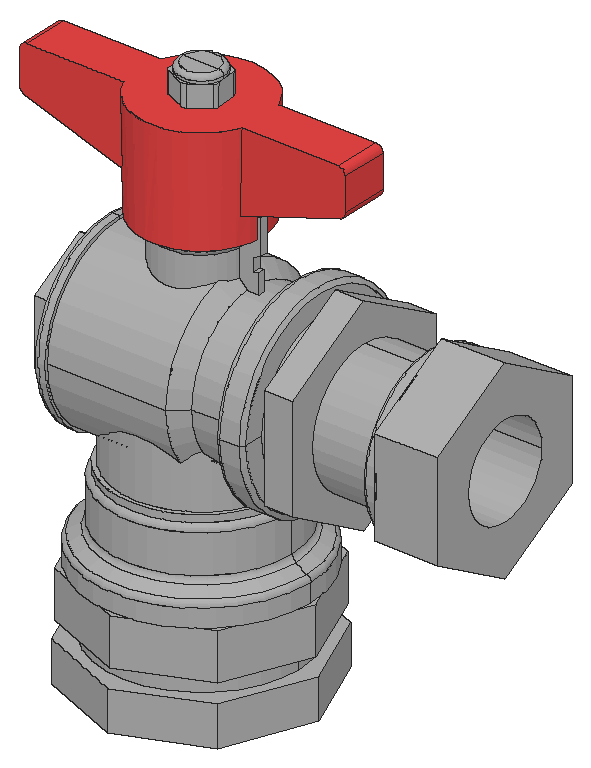
Revit family "QD40510000", category Apparecchi idraulici, Revit 2016
Family settings
  Tipo di parte = Normale
  Quota connettore circolare = Usa diametro
  Numero OmniClass = 23.45.00.00
  Titolo OmniClass = Sanitary, Laundry, and Cleaning Equipment
  Basato su piano di lavoro = No
  Sempre verticale = Sì
  Taglio con vuoti quando caricato = No
  Condiviso = No
  Punto di calcolo locali = No
Parameters
  URL = "https://web.cimberio.it/index.php/figura/284?subcategoria_id=43550"
  Produttore = "CIMBERIO SPA"
  Modello = "Cim 284NRBR"
  DN Model [instance] = QD40513163 : QD40513163
  DN [instance] = 20 mm
Reference planes
  plane 1 "Centro (Fronte/Retro)": y = 0
  plane 2: z = 0
  plane 3 "Centro (Sinistra/Destra)": x = 0
Dimensions and locks
  aligned and locked: level to plane 2
Nested families
  nested 1: "QD40513163" at (0, 0, 0), type <- "DN Model", type "QD40513163"
  nested 2: "QD40513163" at (0, 0, 0), type <- "DN Model", type "QD40513163"
  nested 3: "QD40513163" at (0, 0, 0), type <- "DN Model", type "QD40513163"
Connectors
  piping at (65.285, 0, 0), diameter 20, driven by "DN"
    settings: on nested 1, index 1, connector inside diameter 609.6 mm, connector length 0 mm, flow factor 0, pipe flow 0.0 L/s, pressure drop 0.0 Pa, fitting loss kfactor 0, connector angle 0.00°, fixture units 0, engagement length 0 mm, angle of deflection 0.00°, flow configuration 0, flow direction 0, fitting loss method 0, system type 7, joint type 0, gender type 0, connector reference index -1, connector utility 0, adjustable connector no, is connector primary yes, connector description ""
  piping at (0, 0, -62.271), diameter 20, driven by "DN"
    settings: on nested 1, index 2, connector inside diameter 609.6 mm, connector length 0 mm, flow factor 0, pipe flow 0.0 L/s, pressure drop 0.0 Pa, fitting loss kfactor 0, connector angle 0.00°, fixture units 0, engagement length 0 mm, angle of deflection 0.00°, flow configuration 0, flow direction 0, fitting loss method 0, system type 7, joint type 0, gender type 0, connector reference index -1, connector utility 0, adjustable connector no, is connector primary no, connector description ""
Definition of nested family "QD40513163"
  Parameters (values of type "QD40513163")
    Model = ""
  Reference planes
    plane 1 "Centro (Fronte/Retro)": y = 0
    plane 2: z = 0
    plane 3 "Centro (Sinistra/Destra)": x = 0
  Forms (mm)
    Revolve 1, solid
      sketch origin (0, 0, 0) x (1, 0, 0) y (0, 0, 1)
        loop
          line (-17.6, 20) -> (-19.099, 20)
          arc (-19.099, 20) -> (-19.807, 19.707) -> (-20.1, 19) r 1
          line (-20.1, 19) -> (-20.1, 10) -> (-17.6, 10) -> (-17.6, 20)
        axis (-20.1, 0) -> (-17.6, 0)
      angle from 0 to 360
    Revolve 2, solid
      sketch origin (0, 0, 0) x (1, 0, 0) y (0, 0, 1)
        loop
          line (34.985, 14) -> (34.985, 10) -> (49.316, 10) -> (49.316, 14) -> (34.985, 14)
        axis (34.985, 0) -> (49.316, 0)
      angle from 0 to 360
    Revolve 3, solid
      sketch origin (18.485, 0, 0) x (1, 0, 0) y (0, 0, 1)
        loop
          arc (31.3, 18) -> (30.946, 17.854) -> (30.8, 17.5) r 0.5
          line (30.8, 17.5) -> (30.8, 10) -> (33.324, 10) -> (33.324, 18) -> (31.3, 18)
        axis (30.8, 0) -> (33.324, 0)
      angle from 0 to 360
    Revolve 4, solid
      sketch origin (0, 0, 0) x (1, 0, 0) y (0, 0, 1)
        loop
          line (-10, -6.076) -> (-17.6, -6.076) -> (-17.6, -20.903)
          arc (-17.6, -20.903) -> (-18.051, -20.927) -> (-18.5, -20.98) r 7.058
          line (-18.5, -20.98) -> (-18.5, -22.48)
          arc (-18.5, -22.48) -> (-19.225, -23.027) -> (-19.5, -23.893) r 1.496
          line (-19.5, -23.893) -> (-19.5, -32.133)
          arc (-19.5, -32.133) -> (-19.701, -32.883) -> (-20.25, -33.433) r 1.5
          line (-20.25, -33.433) -> (-22.75, -34.876)
          arc (-22.75, -34.876) -> (-23.299, -35.426) -> (-23.5, -36.177) r 1.5
          line (-23.5, -36.177) -> (-23.5, -40) -> (-10, -40) -> (-10, -6.076)
        axis (0, -6.076) -> (0, -40)
      angle from 0 to 360
    Revolve 5, solid
      sketch origin (0, 0, 0) x (1, 0, 0) y (0, 0, 1)
        loop
          line (-21, -53.771) -> (-10, -53.771) -> (-10, -50) -> (-21, -50) -> (-21, -53.771)
        axis (0, -50) -> (0, -53.771)
      angle from 0 to 360
    Revolve 6, solid
      sketch origin (0, 0, 0) x (1, 0, 0) y (0, 0, 1)
        loop
          line (5, 31.3) -> (5, 15.282) -> (9.381, 15.282) -> (9.381, 24)
          arc (9.381, 24) -> (9.751, 24.365) -> (9.887, 24.866) r 0.994
          line (9.887, 24.866) -> (9.887, 31.3) -> (5, 31.3)
        axis (0, 31.3) -> (0, 15.282)
      angle from 0 to 360
    Revolve 7, solid
      sketch origin (0, 0, 0) x (1, 0, 0) y (0, 0, 1)
        loop
          line (-1.75, 26.8) -> (-1.75, 32.8) -> (0, 32.8) -> (0, 49.8) -> (-13.579, 49.8) -> (-13.134, 26.8) -> (-1.75, 26.8)
        axis (0, 49.8) -> (0, 26.8)
      angle from 0 to 360
    Revolve 8, solid
      sketch origin (0, 0, 0) x (1, 0, 0) y (0, 0, 1)
        loop
          line (0, 55.8) -> (0, 53.928) -> (4.75, 53.928) -> (4.75, 54.8)
          arc (4.75, 54.8) -> (4.456, 55.508) -> (3.748, 55.8) r 1
          line (3.748, 55.8) -> (0, 55.8)
        axis (0, 55.8) -> (0, 53.928)
      angle from 0 to 360
    Extrusion 9, solid
      sketch origin (0, 0, 0) x (1, 0, 0) y (0, 0, 1)
        loop
          arc (-33.5, 49.8) -> (-34.561, 49.361) -> (-35, 48.3) r 1.5
          line (-35, 48.3) -> (-35, 41.227)
          arc (-35, 41.227) -> (-34.714, 40.345) -> (-33.964, 39.8) r 1.5
          line (-33.964, 39.8) -> (-10.874, 32.298) -> (-10.874, 49.8) -> (-33.5, 49.8)
        loop
          line (33.5, 49.8) -> (10.874, 49.8) -> (10.874, 32.298) -> (33.964, 39.8)
          arc (33.964, 39.8) -> (34.714, 40.345) -> (35, 41.227) r 1.5
          line (35, 41.227) -> (35, 48.3)
          arc (35, 48.3) -> (34.561, 49.361) -> (33.5, 49.8) r 1.5
      from -5 to 5
    Extrusion 10, solid
      sketch origin (0, 0, 28.55) x (1, 0, 0) y (0, 1, 0)
        loop
          line (-1.146, 5.373) -> (-4.802, 2.675)
          arc (-4.802, 2.675) -> (-5.145, 2.245) -> (-5.227, 1.701) r 1.063
          line (-5.227, 1.701) -> (-4.719, -2.806)
          arc (-4.719, -2.806) -> (-4.514, -3.33) -> (-4.073, -3.682) r 1.088
          line (-4.073, -3.682) -> (0.09, -5.499)
          arc (0.09, -5.499) -> (0.628, -5.58) -> (1.134, -5.381) r 1.051
          line (1.134, -5.381) -> (4.803, -2.674)
          arc (4.803, -2.674) -> (5.145, -2.245) -> (5.227, -1.703) r 1.06
          line (5.227, -1.703) -> (4.717, 2.823)
          arc (4.717, 2.823) -> (4.517, 3.333) -> (4.089, 3.675) r 1.058
          line (4.089, 3.675) -> (-0.077, 5.493)
          arc (-0.077, 5.493) -> (-0.628, 5.576) -> (-1.146, 5.373) r 1.076
      from 21.25 to 25.75
    Extrusion 11, solid
      sketch origin (0, 0, 0) x (1, 0, 0) y (0, 0, 1)
        loop
          line (14, 31.3) -> (8.237, 31.3) -> (8.237, 14.908) -> (13.5, 14.908) -> (13.5, 20.5) -> (12.485, 20.5) -> (12.485, 23.125) -> (14, 24) -> (14, 31.3)
      from 0 to 1.41
    Extrusion 12, solid
      sketch origin (-11, 0, 0) x (0, 0, 1) y (0, 1, 0)
        loop
          circle (0, 0) r 10
        loop
          line (14, 0) -> (7, 12.124) -> (-7, 12.124) -> (-14, 0) -> (-7, -12.124) -> (7, -12.124) -> (14, 0)
      from 9.1 to 15.1
    Extrusion 13, solid
      sketch origin (0, 0, 0) x (0, 1, 0) y (0, 0, 1)
        loop
          circle (0, 0) r 10
        loop
          line (0, 20.75) -> (-17.97, 10.375) -> (-17.97, -10.375) -> (0, -20.75) -> (17.97, -10.375) -> (17.97, 10.375) -> (0, 20.75)
      from 51.785 to 65.285
    Extrusion 14, solid
      sketch origin (0, 0, 28.55) x (1, 0, 0) y (0, 1, 0)
        loop
          circle (0, 0) r 10
        loop
          line (0, 24.7) -> (-17.466, 17.466) -> (-24.7, 0) -> (-17.466, -17.466) -> (0, -24.7) -> (17.466, -17.466) -> (24.7, 0) -> (17.466, 17.466) -> (0, 24.7)
      from -78.55 to -68.55
    Extrusion 15, solid
      sketch origin (0, 0, 28.55) x (1, 0, 0) y (0, 1, 0)
        loop
          circle (0, 0) r 10
        loop
          line (0, 25.2) -> (-17.819, 17.819) -> (-25.2, 0) -> (-17.819, -17.819) -> (0, -25.2) -> (17.819, -17.819) -> (25.2, 0) -> (17.819, 17.819) -> (0, 25.2)
      from -90.821 to -82.321
    Revolve 16, solid
      sketch origin (0, 0, 0) x (1, 0, 0) y (0, 0, 1)
        loop
          line (25.985, 16.475) -> (25.985, 10) -> (28.985, 10) -> (28.985, 16.475) -> (25.985, 16.475)
        axis (25.985, 0) -> (28.985, 0)
      angle from 0 to 360
    Extrusion 17, solid
      sketch origin (0, 0, 0) x (0, 1, 0) y (0, 0, 1)
        loop
          line (0, 22.2) -> (-19.226, 11.1) -> (-19.226, -11.1) -> (0, -22.2) -> (19.226, -11.1) -> (19.226, 11.1) -> (0, 22.2)
        loop
          circle (0, 0) r 10
      from 28.985 to 34.985
    Revolve 18, solid
      sketch origin (0, 0, 0) x (1, 0, 0) y (0, 1, 0)
        loop
          line (-17.6, 10) -> (26, 10) -> (26, 20.5) -> (25.423, 21.5) -> (21.267, 21.5)
          arc (21.267, 21.5) -> (20.659, 21.293) -> (20.301, 20.759) r 1
          line (20.301, 20.759) -> (19.359, 17.241)
          arc (19.359, 17.241) -> (19.002, 16.707) -> (18.393, 16.5) r 1
          line (18.393, 16.5) -> (11, 16.5) -> (8, 19.5) -> (-17.6, 19.5) -> (-17.6, 10)
        axis (-17.6, 0) -> (26, 0)
      angle from 0 to 360
  Cuts and joins
    joined: Revolve 7, Extrusion 9
  Dimensions and locks
    aligned and locked: level to plane 2
